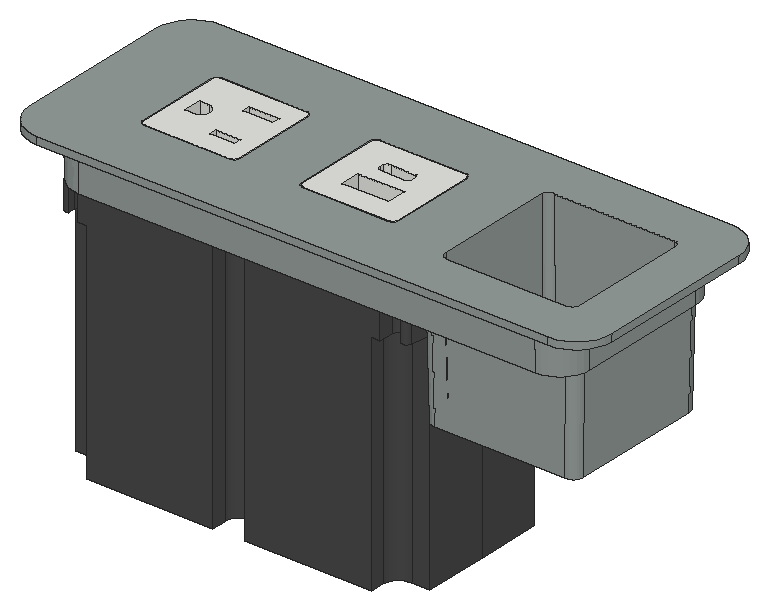
Revit family "Electrical-Teknion-YEFPA_Flush_Power_Module_Standard_Plug_In-R2022", category Furniture, Revit 2023 (continued)
Definition of nested family "Body 3"
  Automatic sketch dimensions
    curve 47 to curve 47 = 0.00277"
    curve 18 to plane 6 "Back" = 0.15745"
    curve 2 to curve 18 = 0.09471"
    curve 61 to plane 7 "Front" = 0.15745"
    curve 47 to curve 61 = 0.09471"
    curve 57 to curve 55 = 0.00103"
    curve 12 to curve 10 = 0.00103"
    curve 59 to curve 60 = 0.34422"
    curve 60 to plane 7 "Front" = 0.51181"
    curve 60 to curve 60 = 1.08316"
    curve 15 to curve 8 = 0.16433"
    curve 60 to curve 46 = 0.16433"
    curve 8 to plane 6 "Back" = 0.16057"
    curve 1 to curve 8 = 0.0028"
    curve 53 to plane 7 "Front" = 0.16057"
    curve 46 to curve 53 = 0.0028"
    curve 53 to curve 54 = 0.17714"
    curve 8 to curve 9 = 0.17714"
    curve 42 to curve 39 = 0.00108"
    curve 83 to curve 81 = 0.0028"
    curve 39 to curve 42 = 0.00172"
    curve 54 to curve 84 = 0.16706"
    plane 3 "Center Left/Right" to curve 84 = 0.54154"
    curve 84 to curve 82 = 0.16435"
    curve 43 to curve 40 = 0.16435"
    curve 40 to curve 39 = 0.00172"
    curve 41 to plane 6 "Back" = 0.16675"
    curve 82 to plane 7 "Front" = 0.16675"
    curve 81 to curve 82 = 0.00291"
    curve 82 to curve 71 = 0.17703"
    curve 28 to curve 28 = 0.17703"
    curve 70 to plane 7 "Front" = 0.16057"
    curve 27 to plane 6 "Back" = 0.16057"
    curve 28 to curve 27 = 0.0028"
    curve 71 to curve 63 = 0.0028"
    curve 70 to curve 36 = 0.16713"
    plane 5 "Right" to curve 77 = 0.56076"
    curve 74 to plane 7 "Front" = 0.09843"
    plane 5 "Right" to curve 74 = 0.39476"
    curve 29 to plane 6 "Back" = 0.09843"
    plane 5 "Right" to curve 29 = 0.39476"
    curve 74 to plane 7 "Front" = 0.15745"
    curve 72 to curve 74 = 0.00103"
    curve 31 to plane 6 "Back" = 0.15745"
    curve 29 to curve 31 = 0.00103"
    curve 29 to curve 21 = 0.09296"
    curve 72 to curve 63 = 0.09296"
    curve 31 to curve 21 = 0.09471"
    curve 78 to curve 64 = 0.09471"
    curve 21 to curve 30 = 0.08249"
    curve 65 to curve 79 = 0.08249"
    curve 65 to curve 73 = 0.000"
    curve 22 to curve 30 = 0.000"
    curve 22 to curve 23 = 0.00132"
    curve 65 to curve 66 = 0.00132"
    curve 33 to curve 33 = 0.1054"
    curve 73 to curve 75 = 0.1054"
    curve 22 to curve 24 = 0.02465"
    curve 65 to curve 67 = 0.02465"
    plane 5 "Right" to curve 32 = 0.09843"
    plane 5 "Right" to curve 68 = 0.05131"
    plane 5 "Right" to curve 25 = 0.05131"
    plane 5 "Right" to curve 79 = 0.01271"
    plane 5 "Right" to curve 26 = 0.01271"
    curve 66 to plane 7 "Front" = 0.08352"
    curve 55 to curve 57 = 0.05903"
    curve 67 to curve 68 = 0.04348"
    curve 49 to curve 51 = 0.04348"
    curve 56 to curve 48 = 0.00147"
    curve 73 to curve 64 = 0.00147"
    curve 54 to curve 84 = 0.35124"
    curve 76 to curve 35 = 0.17716"
    curve 44 to curve 9 = 0.35124"
    curve 36 to curve 27 = 0.35124"
    curve 17 to curve 9 = 0.35124"
    curve 3 to curve 11 = 0.00147"
    curve 21 to curve 30 = 0.00147"
    curve 22 to curve 24 = 0.02112"
    curve 3 to curve 5 = 0.02112"
    curve 24 to curve 25 = 0.0108"
    curve 12 to curve 10 = 0.05903"
    curve 46 to curve 61 = 0.09468"
    curve 1 to curve 18 = 0.09468"
    curve 83 to curve 80 = 0.00108"
    curve 78 to curve 63 = 0.09468"
    curve 37 to curve 20 = 0.09468"
Definition of nested family "Receptacle - Power"
  Parameters (values of type "Receptacle - Power")
    Warranty = "http://www.teknion.com/ca/papers/legal-canada"
    Unit Weight URL = "http://www.teknion.com/ca/tools/assets#&asset=bee6a381-b954-425e-8283-5a2de3a804f2,f828d448-4b62-4231-9e5f-9a8991c0ed77"
    URL = "www.teknion.com"
    To render please download texture images found here [instance] = "https://assets.teknion.com/web/5e81352c1dfdb467/revit-material-swatches/"
    Sustainability Data = "https://www.teknion.com/ca/tools/assets#&topic=216f99a5-57a0-44fc-b10a-9dee9b29ae4c&asset=444deb64-fe58-4b68-981e-f75e97781df7,b4ff2d81-9f2e-437d-9659-7cffb09c31cf"
    Series = ""
    Receptacle Finish [instance] = none
    Product Page URL = ""
    Product Line = ""
    Product Documentation Link = ""
    Part Number = ""
    Model = ""
    Manufacturer Phone = "416-661-3370"  # constant formula
    Manufacturer Fax = "416.661.4586"  # constant formula
    Manufacturer Contact Information = "http://www.teknion.com/ca/contactus"
    Manufacturer Address = "1150 Flint Road, Toronto, ON. M3J 2J5. Canada"  # constant formula
    Manufacturer = "Teknion"  # constant formula
    How To Use Teknion Materials User Guide [instance] = "https://assets.teknion.com/m/205dd0a49fa58060/original/How-to-add-a-Material-Library-and-Texture-Images-to-your-Revit-project.pdf"
    For Additional Finishes please visit [instance] = "https://assets.teknion.com/m/44a8009b046e5d47/original/Teknion_Materials_Library.zip"
    Description = "Receptacle - Power"
    Default Elevation = 0.000"
    Assembly Code = "E2020200"
  Reference planes (in)
    plane 1 "Center Front/Back": y = 0.46413
    plane 2: z = 0
    plane 3 "Center Left/Right": x = 0.0494
    plane 4 "Left": x = -0.48209
    plane 5 "Right": x = 0.5809
    plane 6 "Back": y = 0.99563
    plane 7 "Front": y = -0.06737
    plane 8 "Top": z = 27.69492
    plane 9: z = 27.50592
  Forms (in)
    Sweep 1, solid, material <- "Receptacle Finish"
      path origin (0, 0.46413, 0) x (1, 0, 0) y (0, 0, 1)
        loop
          line (0.0494, 27.69492) -> (0.0494, 27.50592)
      profile origin (0.0494, 0.46413, 27.60042) x (0, -1, 0) y (1, 0, 0)
        loop
          line (-0.53149, 0.47244) -> (-0.53149, -0.47244)
          arc (-0.53149, -0.47244) -> (-0.5142, -0.5142) -> (-0.47244, -0.5315) r 0.05906
          line (-0.47244, -0.5315) -> (0.47244, -0.5315)
          arc (0.47244, -0.5315) -> (0.5142, -0.5142) -> (0.5315, -0.47244) r 0.05906
          line (0.5315, -0.47244) -> (0.5315, 0.47244)
          arc (0.5315, 0.47244) -> (0.5142, 0.5142) -> (0.47244, 0.5315) r 0.05906
          line (0.47244, 0.5315) -> (-0.47244, 0.5315)
          arc (-0.47244, 0.5315) -> (-0.5142, 0.5142) -> (-0.53149, 0.47244) r 0.05906
        loop
          line (-0.02756, -0.29331) -> (-0.02756, -0.20669) -> (-0.36614, -0.20669) -> (-0.36614, -0.29331) -> (-0.02756, -0.29331)
        loop
          line (-0.05905, 0.20669) -> (-0.05905, 0.29331) -> (-0.33464, 0.29331) -> (-0.33464, 0.20669) -> (-0.05905, 0.20669)
        loop
          arc (0.27166, 0.10236) -> (0.1693, 0) -> (0.27166, -0.10236) r 0.10236
          line (0.27166, -0.10236) -> (0.37402, -0.10236) -> (0.37402, 0.10236) -> (0.27166, 0.10236)
  Lines and regions (in)
    symbolic lines
      curve 1: line (0.52184, 0.99563, 0) -> (-0.42304, 0.99563, 0)
      curve 2: arc (-0.42304, 0.99563, 0) -> (-0.4648, 0.97833, 0) -> (-0.48209, 0.93657, 0) r 0.05906
      curve 3: line (-0.48209, 0.93657, 0) -> (-0.48209, -0.00831, 0)
      curve 4: arc (-0.48209, -0.00831, 0) -> (-0.4648, -0.05007, 0) -> (-0.42304, -0.06737, 0) r 0.05906
      curve 5: line (-0.42304, -0.06737, 0) -> (0.52184, -0.06737, 0)
      curve 6: arc (0.52184, -0.06737, 0) -> (0.5636, -0.05007, 0) -> (0.5809, -0.00831, 0) r 0.05906
      curve 7: line (0.5809, -0.00831, 0) -> (0.5809, 0.93657, 0)
      curve 8: arc (0.5809, 0.93657, 0) -> (0.5636, 0.97833, 0) -> (0.52184, 0.99563, 0) r 0.05906
      curve 9: line (-0.15729, 0.83027, 0) -> (-0.15729, 0.49169, 0)
      curve 10: line (-0.15729, 0.49169, 0) -> (-0.24391, 0.49169, 0)
      curve 11: line (-0.24391, 0.49169, 0) -> (-0.24391, 0.83027, 0)
      curve 12: line (-0.24391, 0.83027, 0) -> (-0.15729, 0.83027, 0)
      curve 13: line (0.25609, 0.52319, 0) -> (0.25609, 0.79878, 0)
      curve 14: line (0.25609, 0.79878, 0) -> (0.34271, 0.79878, 0)
      curve 15: line (0.34271, 0.79878, 0) -> (0.34271, 0.52319, 0)
      curve 16: line (0.34271, 0.52319, 0) -> (0.25609, 0.52319, 0)
      curve 17: line (0.15176, 0.19248, 0) -> (0.15176, 0.09012, 0)
      curve 18: line (0.15176, 0.09012, 0) -> (-0.05296, 0.09012, 0)
      curve 19: line (-0.05296, 0.09012, 0) -> (-0.05296, 0.19248, 0)
      curve 20: arc (-0.05296, 0.19248, 0) -> (0.0494, 0.29484, 0) -> (0.15176, 0.19248, 0) r 0.10236
  Dimensions and locks (in)
    plane 4 "Left" to plane 5 "Right" = 1.06299"
    plane 6 "Back" to plane 7 "Front" = 1.063"
    locked: plane 8 "Top" to level at 27.69492
    equal spacing: plane 6 "Back", plane 1 "Center Front/Back", plane 7 "Front"
    equal spacing: plane 4 "Left", plane 3 "Center Left/Right", plane 5 "Right"
    plane 8 "Top" to plane 9 = 0.189"
    aligned and locked: level to plane 2
  Automatic sketch dimensions
    Sweep 1 sketch curve to plane 3 "Center Left/Right" = 0.000"
    Sweep 1 sketch curve to plane 9 = 0.000"
    Sweep 1 sketch curve to plane 8 "Top" = 0.000"
    Sweep 1 sketch curve to profile plane = 0.000"
    Sweep 1 sketch curve to plane 1 "Center Front/Back" = 0.53149"
    Sweep 1 sketch curve to Sweep 1 sketch curve = 0.05906"  (x3)
    Sweep 1 sketch curve to Sweep 1 sketch curve = 0.1063"
    Sweep 1 sketch curve to Sweep 1 sketch curve = 0.1378"
    Sweep 1 sketch curve to plane 1 "Center Front/Back" = 0.05905"
    Sweep 1 sketch curve to plane 1 "Center Front/Back" = 0.02756"
    plane 1 "Center Front/Back" to Sweep 1 sketch curve = 0.27166"
    Sweep 1 sketch curve to Sweep 1 sketch curve = 0.10236"
    Sweep 1 sketch curve to Sweep 1 sketch curve = 0.09843"  (x2)
    profile plane to Sweep 1 sketch curve = 0.10236"
    profile plane to Sweep 1 sketch curve = 0.20669"
    Sweep 1 sketch curve to Sweep 1 sketch curve = 0.08661"  (x2)
    Sweep 1 sketch curve to Sweep 1 sketch curve = 0.37008"
    Sweep 1 sketch curve to profile plane = 0.20669"
    Sweep 1 sketch curve to Sweep 1 sketch curve = 0.17913"
    curve 3 to plane 4 "Left" = 0.000"
    plane 7 "Front" to curve 5 = 0.000"
    curve 6 to plane 5 "Right" = 0.000"
    plane 4 "Left" to curve 5 = 0.05906"
    curve 1 to plane 6 "Back" = 0.00001"
    plane 4 "Left" to curve 1 = 0.05906"
    plane 5 "Right" to curve 1 = 0.05906"
    plane 5 "Right" to curve 5 = 0.05906"
    curve 10 to plane 1 "Center Front/Back" = 0.02756"
    plane 4 "Left" to curve 10 = 0.23819"
    curve 12 to curve 12 = 0.08661"
    curve 12 to plane 6 "Back" = 0.16536"
    plane 3 "Center Left/Right" to curve 14 = 0.20669"
    curve 16 to curve 16 = 0.08661"
    curve 16 to plane 1 "Center Front/Back" = 0.05905"
    curve 15 to plane 6 "Back" = 0.19686"
    curve 20 to plane 3 "Center Left/Right" = 0.000"
    curve 19 to plane 3 "Center Left/Right" = 0.10236"
    curve 18 to plane 7 "Front" = 0.15748"
    curve 18 to curve 20 = 0.10236"
Definition of nested family "Receptacle - USB - A + C (18W)"
  Parameters (values of type "Receptacle - USB - A + C (18W)")
    Warranty = "http://www.teknion.com/ca/papers/legal-canada"
    Unit Weight URL = "http://www.teknion.com/ca/tools/assets#&asset=bee6a381-b954-425e-8283-5a2de3a804f2,f828d448-4b62-4231-9e5f-9a8991c0ed77"
    URL = "www.teknion.com"
    To render please download texture images found here [instance] = "https://assets.teknion.com/web/5e81352c1dfdb467/revit-material-swatches/"
    Sustainability Data = "https://www.teknion.com/ca/tools/assets#&topic=216f99a5-57a0-44fc-b10a-9dee9b29ae4c&asset=444deb64-fe58-4b68-981e-f75e97781df7,b4ff2d81-9f2e-437d-9659-7cffb09c31cf"
    Series = ""
    Receptacle Finish [instance] = none
    Product Page URL = ""
    Product Line = ""
    Product Documentation Link = ""
    Part Number = ""
    Model = ""
    Manufacturer Phone = "416-661-3370"  # constant formula
    Manufacturer Fax = "416.661.4586"  # constant formula
    Manufacturer Contact Information = "http://www.teknion.com/ca/contactus"
    Manufacturer Address = "1150 Flint Road, Toronto, ON. M3J 2J5. Canada"  # constant formula
    Manufacturer = "Teknion"  # constant formula
    How To Use Teknion Materials User Guide [instance] = "https://assets.teknion.com/m/205dd0a49fa58060/original/How-to-add-a-Material-Library-and-Texture-Images-to-your-Revit-project.pdf"
    For Additional Finishes please visit [instance] = "https://assets.teknion.com/m/44a8009b046e5d47/original/Teknion_Materials_Library.zip"
    Description = "Receptacle - USB - A + C (18W)"
    Default Elevation = 0.000"
    Assembly Code = "E2020200"
  Reference planes (in)
    plane 1 "Center Front/Back": y = 0.46413
    plane 2: z = 0
    plane 3 "Center Left/Right": x = 0.0494
    plane 4 "Left": x = -0.48209
    plane 5 "Right": x = 0.5809
    plane 6 "Back": y = 0.99563
    plane 7 "Front": y = -0.06737
    plane 8 "Top": z = 27.69492
    plane 9: z = 27.50592
  Forms (in)
    Sweep 1, solid, material <- "Receptacle Finish"
      path origin (0, 0.46413, 0) x (1, 0, 0) y (0, 0, 1)
        loop
          line (0.0494, 27.69492) -> (0.0494, 27.50592)
      profile origin (0.0494, 0.46413, 27.60042) x (0, -1, 0) y (1, 0, 0)
        loop
          line (-0.53149, 0.47244) -> (-0.53149, -0.47244)
          arc (-0.53149, -0.47244) -> (-0.5142, -0.5142) -> (-0.47244, -0.5315) r 0.05906
          line (-0.47244, -0.5315) -> (0.47244, -0.5315)
          arc (0.47244, -0.5315) -> (0.5142, -0.5142) -> (0.5315, -0.47244) r 0.05906
          line (0.5315, -0.47244) -> (0.5315, 0.47244)
          arc (0.5315, 0.47244) -> (0.5142, 0.5142) -> (0.47244, 0.5315) r 0.05906
          line (0.47244, 0.5315) -> (-0.47244, 0.5315)
          arc (-0.47244, 0.5315) -> (-0.5142, 0.5142) -> (-0.53149, 0.47244) r 0.05906
        loop
          arc (-0.12106, 0.13583) -> (-0.1349, 0.16923) -> (-0.1683, 0.18307) r 0.04724
          line (-0.1683, 0.18307) -> (-0.21161, 0.18307)
          arc (-0.21161, 0.18307) -> (-0.24502, 0.16923) -> (-0.25885, 0.13583) r 0.04724
          line (-0.25885, 0.13583) -> (-0.25885, -0.13583)
          arc (-0.25885, -0.13583) -> (-0.24502, -0.16923) -> (-0.21161, -0.18307) r 0.04724
          line (-0.21161, -0.18307) -> (-0.1683, -0.18307)
          arc (-0.1683, -0.18307) -> (-0.1349, -0.16923) -> (-0.12106, -0.13583) r 0.04724
          line (-0.12106, -0.13583) -> (-0.12106, 0.13583)
        loop
          line (0.04134, -0.25886) -> (0.26378, -0.25886) -> (0.26378, 0.25886) -> (0.04134, 0.25886) -> (0.04134, -0.25886)
  Lines and regions (in)
    symbolic lines
      curve 1: line (0.52184, 0.99563, 0) -> (-0.42304, 0.99563, 0)
      curve 2: arc (-0.42304, 0.99563, 0) -> (-0.4648, 0.97833, 0) -> (-0.48209, 0.93657, 0) r 0.05906
      curve 3: line (-0.48209, 0.93657, 0) -> (-0.48209, -0.00831, 0)
      curve 4: arc (-0.48209, -0.00831, 0) -> (-0.4648, -0.05007, 0) -> (-0.42304, -0.06737, 0) r 0.05906
      curve 5: line (-0.42304, -0.06737, 0) -> (0.52184, -0.06737, 0)
      curve 6: arc (0.52184, -0.06737, 0) -> (0.5636, -0.05007, 0) -> (0.5809, -0.00831, 0) r 0.05906
      curve 7: line (0.5809, -0.00831, 0) -> (0.5809, 0.93657, 0)
      curve 8: arc (0.5809, 0.93657, 0) -> (0.5636, 0.97833, 0) -> (0.52184, 0.99563, 0) r 0.05906
      curve 9: line (-0.08643, 0.72299, 0) -> (0.18523, 0.72299, 0)
      curve 10: arc (0.18523, 0.72299, 0) -> (0.21863, 0.70915, 0) -> (0.23247, 0.67575, 0) r 0.04724
      curve 11: line (0.23247, 0.67575, 0) -> (0.23247, 0.63244, 0)
      curve 12: arc (0.23247, 0.63244, 0) -> (0.21863, 0.59903, 0) -> (0.18523, 0.58519, 0) r 0.04724
      curve 13: line (0.18523, 0.58519, 0) -> (-0.08643, 0.58519, 0)
      curve 14: arc (-0.08643, 0.58519, 0) -> (-0.11983, 0.59903, 0) -> (-0.13367, 0.63244, 0) r 0.04724
      curve 15: line (-0.13367, 0.63244, 0) -> (-0.13367, 0.67575, 0)
      curve 16: arc (-0.13367, 0.67575, 0) -> (-0.11983, 0.70915, 0) -> (-0.08643, 0.72299, 0) r 0.04724
      curve 17: line (-0.20946, 0.42279, 0) -> (0.30826, 0.42279, 0)
      curve 18: line (0.30826, 0.42279, 0) -> (0.30826, 0.20035, 0)
      curve 19: line (0.30826, 0.20035, 0) -> (-0.20946, 0.20035, 0)
      curve 20: line (-0.20946, 0.20035, 0) -> (-0.20946, 0.42279, 0)
  Dimensions and locks (in)
    plane 4 "Left" to plane 5 "Right" = 1.06299"
    plane 6 "Back" to plane 7 "Front" = 1.063"
    locked: plane 8 "Top" to level at 27.69492
    equal spacing: plane 6 "Back", plane 1 "Center Front/Back", plane 7 "Front"
    equal spacing: plane 4 "Left", plane 3 "Center Left/Right", plane 5 "Right"
    plane 8 "Top" to plane 9 = 0.189"
    aligned and locked: level to plane 2
  Automatic sketch dimensions
    Sweep 1 sketch curve to plane 3 "Center Left/Right" = 0.000"
    Sweep 1 sketch curve to plane 9 = 0.000"
    Sweep 1 sketch curve to plane 8 "Top" = 0.000"
    curve 3 to plane 4 "Left" = 0.000"
    plane 7 "Front" to curve 5 = 0.000"
    curve 6 to plane 5 "Right" = 0.000"
    plane 4 "Left" to curve 5 = 0.05906"
    curve 1 to plane 6 "Back" = 0.00001"
    plane 4 "Left" to curve 1 = 0.05906"
    plane 5 "Right" to curve 1 = 0.05906"
    plane 5 "Right" to curve 5 = 0.05906"
    Sweep 1 sketch curve to plane 1 "Center Front/Back" = 0.53149"
    Sweep 1 sketch curve to Sweep 1 sketch curve = 0.05906"  (x3)
    Sweep 1 sketch curve to profile plane = 0.13583"
    Sweep 1 sketch curve to plane 1 "Center Front/Back" = 0.25885"
    Sweep 1 sketch curve to Sweep 1 sketch curve = 0.04724"  (x3)
    Sweep 1 sketch curve to Sweep 1 sketch curve = 0.04331"  (x2)
    plane 1 "Center Front/Back" to Sweep 1 sketch curve = 0.04134"
    Sweep 1 sketch curve to Sweep 1 sketch curve = 0.22244"
    Sweep 1 sketch curve to Sweep 1 sketch curve = 0.20866"  (x2)
    profile plane to Sweep 1 sketch curve = 0.13583"
    Sweep 1 sketch curve to Sweep 1 sketch curve = 0.12303"  (x2)
    Sweep 1 sketch curve to Sweep 1 sketch curve = 0.21358"  (x2)
    curve 15 to plane 3 "Center Left/Right" = 0.18307"
    curve 15 to curve 9 = 0.04724"
    curve 14 to curve 16 = 0.000"
    plane 3 "Center Left/Right" to curve 13 = 0.13583"
    curve 9 to curve 12 = 0.000"
    curve 10 to curve 11 = 0.04724"
    curve 13 to plane 1 "Center Front/Back" = 0.12106"
    curve 15 to curve 15 = 0.04331"
    plane 1 "Center Front/Back" to curve 20 = 0.04134"
    curve 20 to curve 13 = 0.12303"
    curve 12 to curve 17 = 0.12303"
    curve 18 to curve 17 = 0.22244"
Definition of nested family "Receptacle - USB - A + C (65W)"
  Parameters (values of type "Receptacle - USB - A + C (65W)")
    Warranty = "http://www.teknion.com/ca/papers/legal-canada"
    Unit Weight URL = "http://www.teknion.com/ca/tools/assets#&asset=bee6a381-b954-425e-8283-5a2de3a804f2,f828d448-4b62-4231-9e5f-9a8991c0ed77"
    URL = "www.teknion.com"
    To render please download texture images found here [instance] = "https://assets.teknion.com/web/5e81352c1dfdb467/revit-material-swatches/"
    Sustainability Data = "https://www.teknion.com/ca/tools/assets#&topic=216f99a5-57a0-44fc-b10a-9dee9b29ae4c&asset=444deb64-fe58-4b68-981e-f75e97781df7,b4ff2d81-9f2e-437d-9659-7cffb09c31cf"
    Series = ""
    Receptacle Finish [instance] = none
    Product Page URL = ""
    Product Line = ""
    Product Documentation Link = ""
    Part Number = ""
    Model = ""
    Manufacturer Phone = "416-661-3370"  # constant formula
    Manufacturer Fax = "416.661.4586"  # constant formula
    Manufacturer Contact Information = "http://www.teknion.com/ca/contactus"
    Manufacturer Address = "1150 Flint Road, Toronto, ON. M3J 2J5. Canada"  # constant formula
    Manufacturer = "Teknion"  # constant formula
    How To Use Teknion Materials User Guide [instance] = "https://assets.teknion.com/m/205dd0a49fa58060/original/How-to-add-a-Material-Library-and-Texture-Images-to-your-Revit-project.pdf"
    For Additional Finishes please visit [instance] = "https://assets.teknion.com/m/44a8009b046e5d47/original/Teknion_Materials_Library.zip"
    Description = "Receptacle - USB - A + C (65W)"
    Default Elevation = 0.000"
    Assembly Code = "E2020200"
  Reference planes (in)
    plane 1 "Center Front/Back": y = 0.46413
    plane 2: z = 0
    plane 3 "Center Left/Right": x = 0.0494
    plane 4 "Left": x = -0.48209
    plane 5 "Right": x = 0.5809
    plane 6 "Back": y = 0.99563
    plane 7 "Front": y = -0.06737
    plane 8 "Top": z = 27.69492
    plane 9: z = 27.50592
  Forms (in)
    Sweep 1, solid, material <- "Receptacle Finish"
      path origin (0, 0.46413, 0) x (1, 0, 0) y (0, 0, 1)
        loop
          line (0.0494, 27.69492) -> (0.0494, 27.50592)
      profile origin (0.0494, 0.46413, 27.60042) x (0, -1, 0) y (1, 0, 0)
        loop
          line (-0.53149, 0.47244) -> (-0.53149, -0.47244)
          arc (-0.53149, -0.47244) -> (-0.5142, -0.5142) -> (-0.47244, -0.5315) r 0.05906
          line (-0.47244, -0.5315) -> (0.47244, -0.5315)
          arc (0.47244, -0.5315) -> (0.5142, -0.5142) -> (0.5315, -0.47244) r 0.05906
          line (0.5315, -0.47244) -> (0.5315, 0.47244)
          arc (0.5315, 0.47244) -> (0.5142, 0.5142) -> (0.47244, 0.5315) r 0.05906
          line (0.47244, 0.5315) -> (-0.47244, 0.5315)
          arc (-0.47244, 0.5315) -> (-0.5142, 0.5142) -> (-0.53149, 0.47244) r 0.05906
        loop
          line (-0.25866, -0.26132) -> (0.25906, -0.26132) -> (0.25906, -0.03888) -> (-0.25866, -0.03888) -> (-0.25866, -0.26132)
        loop
          line (0.06024, 0.26132) -> (-0.21141, 0.26132)
          arc (-0.21141, 0.26132) -> (-0.24482, 0.24748) -> (-0.25866, 0.21407) r 0.04724
          line (-0.25866, 0.21407) -> (-0.25866, 0.17077)
          arc (-0.25866, 0.17077) -> (-0.24482, 0.13736) -> (-0.21141, 0.12352) r 0.04724
          line (-0.21141, 0.12352) -> (0.06024, 0.12352)
          arc (0.06024, 0.12352) -> (0.09365, 0.13736) -> (0.10748, 0.17077) r 0.04724
          line (0.10748, 0.17077) -> (0.10748, 0.21407)
          arc (0.10748, 0.21407) -> (0.09365, 0.24748) -> (0.06024, 0.26132) r 0.04724
    Sweep 2, void
      path origin (0, 0.46413, 0) x (1, 0, 0) y (0, 0, 1)
        loop
          line (0.0494, 27.68292) -> (0.0494, 27.87329)
      profile origin (0.0494, 0.46413, 27.77811) x (-1, 0, 0) y (0, -1, 0)
        loop
          line (-0.09203, 0.20394) -> (-0.09203, 0.32796) -> (-0.29281, 0.32796) -> (-0.29281, 0.20394) -> (-0.09203, 0.20394)
        loop
          line (-0.08415, 0.19607) -> (-0.08415, 0.33583) -> (-0.30069, 0.33583) -> (-0.30069, 0.19607) -> (-0.08415, 0.19607)
  Cuts and joins
    Sweep 2 cuts Sweep 1
  Lines and regions (in)
    symbolic lines
      curve 1: line (0.52184, 0.99563, 0) -> (-0.42304, 0.99563, 0)
      curve 2: arc (-0.42304, 0.99563, 0) -> (-0.4648, 0.97833, 0) -> (-0.48209, 0.93657, 0) r 0.05906
      curve 3: line (-0.48209, 0.93657, 0) -> (-0.48209, -0.00831, 0)
      curve 4: arc (-0.48209, -0.00831, 0) -> (-0.4648, -0.05007, 0) -> (-0.42304, -0.06737, 0) r 0.05906
      curve 5: line (-0.42304, -0.06737, 0) -> (0.52184, -0.06737, 0)
      curve 6: arc (0.52184, -0.06737, 0) -> (0.5636, -0.05007, 0) -> (0.5809, -0.00831, 0) r 0.05906
      curve 7: line (0.5809, -0.00831, 0) -> (0.5809, 0.93657, 0)
      curve 8: arc (0.5809, 0.93657, 0) -> (0.5636, 0.97833, 0) -> (0.52184, 0.99563, 0) r 0.05906
      curve 9: line (-0.21192, 0.20508, 0) -> (-0.21192, 0.72279, 0)
      curve 10: line (-0.21192, 0.72279, 0) -> (0.01052, 0.72279, 0)
      curve 11: line (0.01052, 0.72279, 0) -> (0.01052, 0.20508, 0)
      curve 12: line (0.01052, 0.20508, 0) -> (-0.21192, 0.20508, 0)
      curve 13: line (0.17293, 0.40389, 0) -> (0.17293, 0.67555, 0)
      curve 14: arc (0.17293, 0.67555, 0) -> (0.18676, 0.70895, 0) -> (0.22017, 0.72279, 0) r 0.04724
      curve 15: line (0.22017, 0.72279, 0) -> (0.26348, 0.72279, 0)
      curve 16: arc (0.26348, 0.72279, 0) -> (0.29688, 0.70895, 0) -> (0.31072, 0.67555, 0) r 0.04724
      curve 17: line (0.31072, 0.67555, 0) -> (0.31072, 0.40389, 0)
      curve 18: arc (0.31072, 0.40389, 0) -> (0.29688, 0.37049, 0) -> (0.26348, 0.35665, 0) r 0.04724
      curve 19: line (0.26348, 0.35665, 0) -> (0.22017, 0.35665, 0)
      curve 20: arc (0.22017, 0.35665, 0) -> (0.18676, 0.37049, 0) -> (0.17293, 0.40389, 0) r 0.04724
      curve 21: line (0.13356, 0.26807, 0) -> (0.35009, 0.26807, 0)
      curve 22: line (0.35009, 0.26807, 0) -> (0.35009, 0.1283, 0)
      curve 23: line (0.35009, 0.1283, 0) -> (0.13356, 0.1283, 0)
      curve 24: line (0.13356, 0.1283, 0) -> (0.13356, 0.26807, 0)
      curve 25: line (0.34222, 0.26019, 0) -> (0.14143, 0.26019, 0)
      curve 26: line (0.14143, 0.26019, 0) -> (0.14143, 0.13618, 0)
      curve 27: line (0.14143, 0.13618, 0) -> (0.34222, 0.13618, 0)
      curve 28: line (0.34222, 0.13618, 0) -> (0.34222, 0.26019, 0)
  Dimensions and locks (in)
    plane 4 "Left" to plane 5 "Right" = 1.06299"
    plane 6 "Back" to plane 7 "Front" = 1.063"
    locked: plane 8 "Top" to level at 27.69492
    equal spacing: plane 6 "Back", plane 1 "Center Front/Back", plane 7 "Front"
    equal spacing: plane 4 "Left", plane 3 "Center Left/Right", plane 5 "Right"
    plane 8 "Top" to plane 9 = 0.189"
    aligned and locked: level to plane 2
  Automatic sketch dimensions
    Sweep 1 sketch curve to plane 3 "Center Left/Right" = 0.000"
    Sweep 1 sketch curve to plane 9 = 0.000"
    Sweep 1 sketch curve to plane 8 "Top" = 0.000"
    curve 3 to plane 4 "Left" = 0.000"
    plane 7 "Front" to curve 5 = 0.000"
    curve 6 to plane 5 "Right" = 0.000"
    plane 4 "Left" to curve 5 = 0.05906"
    curve 1 to plane 6 "Back" = 0.00001"
    plane 4 "Left" to curve 1 = 0.05906"
    plane 5 "Right" to curve 1 = 0.05906"
    plane 5 "Right" to curve 5 = 0.05906"
    Sweep 1 sketch curve to plane 1 "Center Front/Back" = 0.53149"
    Sweep 1 sketch curve to Sweep 1 sketch curve = 0.05906"  (x3)
    Sweep 1 sketch curve to plane 1 "Center Front/Back" = 0.25866"
    profile plane to Sweep 1 sketch curve = 0.03888"
    Sweep 1 sketch curve to Sweep 1 sketch curve = 0.000"  (x3)
    Sweep 1 sketch curve to Sweep 1 sketch curve = 0.04724"  (x2)
    plane 1 "Center Front/Back" to Sweep 1 sketch curve = 0.06024"
    plane 1 "Center Front/Back" to Sweep 1 sketch curve = 0.25906"
    plane 1 "Center Front/Back" to Sweep 1 sketch curve = 0.47244"
    Sweep 1 sketch curve to Sweep 1 sketch curve = 0.21339"
    Sweep 1 sketch curve to Sweep 1 sketch curve = 0.22244"
    Sweep 1 sketch curve to Sweep 1 sketch curve = 0.21112"
    Sweep 1 sketch curve to profile plane = 0.12352"
    Sweep 1 sketch curve to Sweep 1 sketch curve = 0.04331"
    Sweep 1 sketch curve to profile plane = 0.47244"
    Sweep 2 sketch curve to plane 3 "Center Left/Right" = 0.000"
    Sweep 2 sketch curve to plane 8 "Top" = 0.012"
    plane 8 "Top" to Sweep 2 sketch curve = 0.17837"
    profile plane to Sweep 2 sketch curve = 0.30069"
    Sweep 2 sketch curve to Sweep 2 sketch curve = 0.00787"  (x4)
    Sweep 2 sketch curve to Sweep 2 sketch curve = 0.20079"
    plane 1 "Center Front/Back" to Sweep 2 sketch curve = 0.19607"
    Sweep 2 sketch curve to Sweep 2 sketch curve = 0.12402"
    curve 12 to plane 3 "Center Left/Right" = 0.26132"
    curve 10 to plane 3 "Center Left/Right" = 0.03888"
    plane 1 "Center Front/Back" to curve 11 = 0.25906"
    curve 9 to plane 1 "Center Front/Back" = 0.25866"
    plane 3 "Center Left/Right" to curve 13 = 0.12352"
    curve 14 to curve 14 = 0.04724"
    curve 20 to curve 20 = 0.04724"
    curve 14 to curve 15 = 0.04331"
    curve 20 to curve 18 = 0.04331"
    curve 18 to curve 17 = 0.04724"
    plane 1 "Center Front/Back" to curve 19 = 0.10748"
    curve 16 to plane 1 "Center Front/Back" = 0.21141"
    plane 3 "Center Left/Right" to curve 24 = 0.08415"
    curve 23 to curve 23 = 0.21654"
    curve 23 to plane 7 "Front" = 0.19567"
    curve 21 to curve 18 = 0.08858"
    curve 21 to curve 25 = 0.00787"
    curve 27 to curve 22 = 0.00787"
    curve 22 to curve 27 = 0.00787"
    curve 28 to curve 21 = 0.00787"
Definition of nested family "Teknion_2D_Node_Family-R2016"
  Reference planes (in)
    plane 1 "Center (Front/Back)": y = 0
    plane 2: z = 0
    plane 3 "Center (Left/Right)": x = 0
  Lines and regions (in)
    detail lines, in view "Ref. Level"
      curve 1: circle (0, 0, 0) r 1.25 normal (0, 0, 1)
      curve 2: line (1.91508, -1.91508, 0) -> (-1.91508, 1.91508, 0)
      curve 3: line (-1.91508, -1.91508, 0) -> (1.91508, 1.91508, 0)
Types (4): name | Width | Triple - 2 - USB (18W) | Triple - 1 - Power | T - Rectangular With Pass Through | Receptacle Finish | R - Rectangular | Model | MR - T + AJ | MR - R + AJ | MR - C + AH | Faceplate Finish | Faceplate - R + AJ | Electrical Cut Out | Dual - 2 - USB (18W) | Dual - 1 - Power | Description | Depth | Configuration Options | C - Circular | Body 3 - 3R | Body 2 - T | Body 2 - C & 2R | AM - 1 Power/ 1 USB - A+C (18W) | AJ - Triple | AJ - 1 Power/ 1 USB - A+C (65W) | AH - Dual | 2D - T | 2D - R + AJ | 2D - AH
  (no name) | 6.496" | yes | yes | yes | Plastic - Teknion - 8D - Atrium White | no | "YEFPATAJ__" | yes | no | no | Paint - Teknion - Accent - Blue Sage | no | "Triple available Only" | no | no | "Flush Power Module, Standard Plug-In, Rectangular With Pass Through Faceplate Style, Triple Electrical Cut Out" | 2.559" | "AJ, AM & AS Available Only" | no | no | yes | no | yes | yes | no | no | yes | no | no
  Circular Faceplate - Dual | 4.724" | no | no | no | Plastic - Teknion - YY - Ebony | no | "YEFPACAH__" | no | no | yes | Paint - Teknion - Mica - Anthracite | no | "Dual Available Only" | yes | yes | "Flush Power Module, Standard Plug-In, Circular Faceplate Style, Dual Electrical Cut Out" | 4.724" | "AJ, AM & AS Available Only" | yes | no | no | yes | yes | no | no | yes | no | no | yes
  Rectangular With Pass Through Faceplate - Triple | 6.496" | yes | yes | yes | Plastic - Teknion - 8D - Atrium White | no | "YEFPATAJ__" | yes | no | no | Paint - Teknion - Accent - Blue Sage | no | "Triple available Only" | no | no | "Flush Power Module, Standard Plug-In, Rectangular With Pass Through Faceplate Style, Triple Electrical Cut Out" | 2.559" | "AJ, AM & AS Available Only" | no | no | yes | no | yes | yes | no | no | yes | no | no
  Rectangular Faceplate - Dual & Triple | 6.496" | no | no | no | Plastic - Teknion - 8D - Atrium White | yes | "YEFPAR___" | no | yes | no | Paint - Teknion - Foundation - Crisp Grey | yes | "Rectangular - Dual & Triple available" | no | no | "Flush Power Module, Standard Plug-In, Rectangular Faceplate Style" | 2.559" | "Rectangular -All Options Below Available" | no | yes | no | no | no | yes | yes | no | no | yes | no
